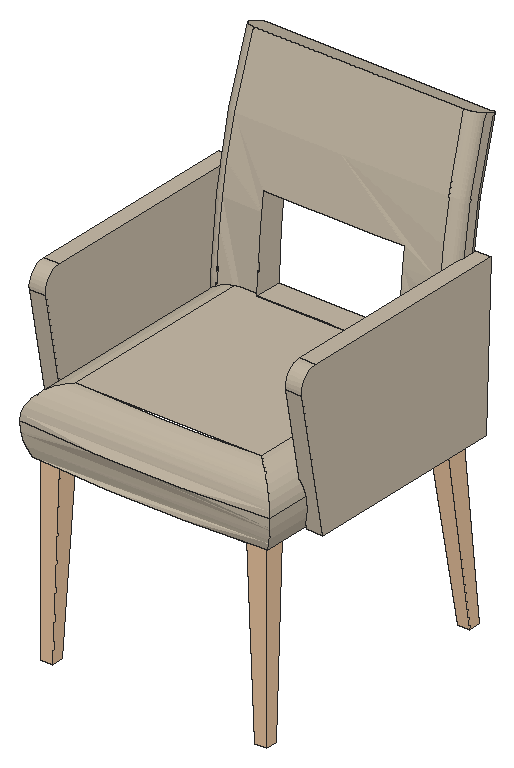
Revit family "Furniture_Chair_PALM BEACH 5.0 WCO", category Furniture, Revit 2020
Family settings
  OmniClass Number = 23.21.23.15.17
  Work Plane-Based = Yes
  Always vertical = No
  Cut with Voids When Loaded = No
  Shared = No
  Room Calculation Point = No
Parameters (values of type "PALM BEACH 5.0 WCO")
  Youtube clip = ""
  Uniformat II Description = "Movable Furnishings"
  Uniformat II Code = ""
  Uniclass 2015 Name = ""
  Uniclass 2015 Code = ""
  Uniclass 2.0 Description = ""
  Uniclass 2.0 Code = ""
  Uniclass 1.4 Description = ""
  Uniclass 1.4 Code = ""
  UNSPSC Code = ""
  Technical description = ""
  Shell Material = Fabric - Mainline Flax - Upminster MLF20
  Frame Material = Wood - Beech - Natural Oak
  Region South America = "All"
  Region Oceania = "All"
  Region North America = "All"
  Region Middle East = "All"
  Region Europe = "All"
  Region Asia = "All"
  Region Antarctica = "All"
  Region Africa = "All"
  QR code = "https://www.sandlerseating.com/product/palm-beach-5-0-wco/"
  Product url = "https://www.sandlerseating.com/product/palm-beach-5-0-wco/"
  Product name = "PALM BEACH 5.0 WCO"
  Product group = "Chair"
  Product family = "Furniture"
  Product data url = "https://www.sandlerseating.com/product/palm-beach-5-0-wco/"
  Product certification = ""
  Product SKU = "??"
  Product Guid = "??"
  OmniClass Description = ""
  OmniClass Code = "23-21 23 15 17"
  NBS Reference Description = ""
  NBS Reference Code = ""
  Model = "PALM BEACH 5.0 WCO"
  Masterformat 2014 Description = "Chair Mats"
  Masterformat 2014 Code = "12 48 43.13"
  Manufacturer name = "Sandler"
  Manufacturer country = "USA"
  Manufacturer = "Sandler"
  Installation instructions = ""
  IFC Classification = "Furnishing Element"
  GTIN code = ""
  Edition number = 1
  Design country = "Brasil"
  Description = "Chair"
  Default Elevation = 0.000 mm
  Date of publishing = ""
  COBIe Type Category = ""
  Brand url = "https://www.sandlerseating.com/"
  BIMobject main category code = "furniture"
  BIMobject main category = "Furniture"
  BIMobject category code = "furniture-chair"
  BIMobject category = "Chair"
Reference planes
  plane 1 "Center Front/Back": y = 0
  plane 2: z = 0
  plane 3 "Center Left/Right": x = 0
Forms (mm)
  SweptBlend 1, solid, material "Fabric - Mainline Flax - Upminster MLF20" <- "Shell Material"
    path origin (0.021, 12.403, 0) x (0, 1, 0) y (0, 0, 1)
      loop
        arc (318.429, 896.679) -> (247.467, 629.178) -> (238.058, 352.583) r 1230.984
    profile origin (0.021, 330.832, 896.679) x (0, 0.931619, -0.363437) y (1, 0, 0)
      loop
        line (20.402, -222.125) -> (20.402, 225.373)
        arc (20.402, 225.373) -> (17.474, 232.444) -> (10.402, 235.373) r 10
        line (10.402, 235.373) -> (-9.598, 235.373)
        arc (-9.598, 235.373) -> (-27.275, 228.05) -> (-34.598, 210.373) r 25
        line (-34.598, 210.373) -> (-34.598, -207.125)
        arc (-34.598, -207.125) -> (-27.275, -224.803) -> (-9.598, -232.125) r 25
        line (-9.598, -232.125) -> (10.402, -232.125)
        arc (10.402, -232.125) -> (17.474, -229.196) -> (20.402, -222.125) r 10
    end profile origin (0.021, 250.46, 352.583) x (0, 0.996909, 0.078564) y (1, 0, 0)
      loop
        line (25.645, -235.139) -> (25.645, 237.901)
        arc (25.645, 237.901) -> (22.717, 244.972) -> (15.645, 247.901) r 10
        line (15.645, 247.901) -> (-1.894, 247.901)
        arc (-1.894, 247.901) -> (-19.572, 240.579) -> (-26.894, 222.901) r 25
        line (-26.894, 222.901) -> (-26.894, -220.139)
        arc (-26.894, -220.139) -> (-19.572, -237.816) -> (-1.894, -245.139) r 25
        line (-1.894, -245.139) -> (15.645, -245.139)
        arc (15.645, -245.139) -> (22.717, -242.21) -> (25.645, -235.139) r 10
  Extrusion 2, solid, material "Fabric - Mainline Flax - Upminster MLF20" <- "Shell Material"
    sketch origin (0.021, 12.403, 840) x (-1, 0, 0) y (0, -1, 0)
      loop
        line (248.589, -218.746) -> (248.589, 242.183)
        arc (248.589, 242.183) -> (0.023, 254.709) -> (-248.589, 243.132) r 2569.886
        line (-248.589, 243.132) -> (-248.589, -218.746) -> (248.589, -218.746)
    from -479.2 to -350.103
  Sweep 3, void
    path in 3D
      loop
        line (248.61, 289.27, 489.897) -> (248.61, -230.73, 489.897)
        arc (248.61, -230.73, 489.897) -> (-0.002, -242.307, 489.897) -> (-248.569, -229.781, 489.897) r 2569.886
        line (-248.569, -229.781, 489.897) -> (-248.569, 289.27, 489.897)
    profile origin (-0.002, -242.307, 489.897) x (-0.001909, -0.999998, 0) y (0, 0, 1)
      loop
        arc (-64.548, 0) -> (-18.906, -18.906) -> (0, -64.548) r 64.548
        arc (0, -64.548) -> (-3.774, -97.671) -> (-14.902, -129.096) r 147.246
        line (-14.902, -129.096) -> (25.452, -129.096) -> (25.452, 0) -> (-64.548, 0)
  Blend 4, solid, material "Wood - Beech - Natural Oak" <- "Frame Material"
    base sketch origin (11.479, 25.171, 840) x (-1, 0, 0) y (0, -1, 0)
      loop
        line (235.546, 195.254) -> (235.546, 234.079) -> (197.379, 234.079) -> (197.379, 195.254) -> (235.546, 195.254)
    top sketch origin (11.479, 25.171, 840) x (-1, 0, 0) y (0, -1, 0)
      loop
        line (212.008, 210.203) -> (235.546, 210.203) -> (235.546, 234.079) -> (212.008, 234.079) -> (212.008, 210.203)
    from -479.2 to -840
  Blend 5, solid, material "Wood - Beech - Natural Oak" <- "Frame Material"
    base sketch origin (-11.438, 25.171, 840) x (1, 0, 0) y (0, 1, 0)
      loop
        line (235.546, -195.254) -> (197.379, -195.254) -> (197.379, -234.079) -> (235.546, -234.079) -> (235.546, -195.254)
    top sketch origin (-11.438, 25.171, 840) x (1, 0, 0) y (0, 1, 0)
      loop
        line (212.008, -210.203) -> (212.008, -234.079) -> (235.546, -234.079) -> (235.546, -210.203) -> (212.008, -210.203)
    from -479.2 to -840
  Blend 6, solid, material "Wood - Beech - Natural Oak" <- "Frame Material"
    base sketch origin (0.021, 12.403, 840) x (-1, 0, 0) y (0, -1, 0)
      loop
        line (197.378, -213.052) -> (197.378, -251.878) -> (235.545, -251.878) -> (235.545, -213.052) -> (197.378, -213.052)
    top sketch origin (0.021, 12.403, 840) x (-1, 0, 0) y (0, -1, 0)
      loop
        line (235.545, -291.791) -> (235.545, -268.262) -> (211.722, -268.262) -> (211.722, -291.791) -> (235.545, -291.791)
    from -478.581 to -840
  Blend 7, solid, material "Wood - Beech - Natural Oak" <- "Frame Material"
    base sketch origin (0.021, 12.403, 840) x (1, 0, 0) y (0, 1, 0)
      loop
        line (197.378, 213.052) -> (235.545, 213.052) -> (235.545, 251.878) -> (197.378, 251.878) -> (197.378, 213.052)
    top sketch origin (0.021, 12.403, 840) x (1, 0, 0) y (0, 1, 0)
      loop
        line (235.545, 291.791) -> (211.722, 291.791) -> (211.722, 268.262) -> (235.545, 268.262) -> (235.545, 291.791)
    from -478.581 to -840
  Extrusion 8, void
    sketch origin (0.021, 12.403, 0) x (0, 1, 0) y (0, 0, 1)
      loop
        line (185.776, 360.8) -> (185.776, 345.8) -> (275.776, 345.8) -> (275.776, 360.8) -> (185.776, 360.8)
    from -259.065 to 259.553
  Extrusion 9, solid, material "Fabric - Mainline Flax - Upminster MLF20" <- "Shell Material"
    sketch origin (0.021, 12.403, 0) x (0, -1, 0) y (0, 0, 1)
      loop
        arc (-275.179, 672.334) -> (-261.353, 516.869) -> (-263.091, 360.8) r 1563.942
        line (-263.091, 360.8) -> (141.817, 360.8) -> (194.272, 630.656)
        arc (194.272, 630.656) -> (186.922, 659.597) -> (159.915, 672.334) r 35
        line (159.915, 672.334) -> (-275.179, 672.334)
    from 235.545 to 267.606
  Extrusion 10, solid, material "Fabric - Mainline Flax - Upminster MLF20" <- "Shell Material"
    sketch origin (5.02, 12.403, -0.028) x (0, -1, 0) y (0, 0, -1)
      loop
        line (-275.179, -672.334) -> (159.915, -672.334)
        arc (159.915, -672.334) -> (186.922, -659.597) -> (194.272, -630.656) r 35
        line (194.272, -630.656) -> (141.817, -360.8) -> (-263.091, -360.8)
        arc (-263.091, -360.8) -> (-261.353, -516.869) -> (-275.179, -672.334) r 1563.942
    from 235.545 to 267.606
  Extrusion 11, void
    sketch origin (0.021, 12.403, 0) x (1, 0, 0) y (0, 0, 1)
      loop
        line (144.041, 489.897) -> (144.041, 669.897) -> (-135.959, 669.897) -> (-135.959, 489.897) -> (144.041, 489.897)
    from -344.885 to -128.056
Cuts and joins
  Sweep 3, Extrusion 11 cuts Extrusion 2
  Extrusion 8, Extrusion 11 cuts SweptBlend 1
Lines and regions (mm)
  sketch lines
    curve 1: arc (248.61, -230.73, 489.897) -> (-0.002, -242.307, 489.897) -> (-248.569, -229.781, 489.897) r 2569.886
    curve 2: line (248.61, -230.73, 489.897) -> (248.61, 289.27, 489.897)
    curve 3: line (-248.569, 289.27, 489.897) -> (-248.569, -229.781, 489.897)
Dimensions and locks
  aligned and locked: level to plane 2
